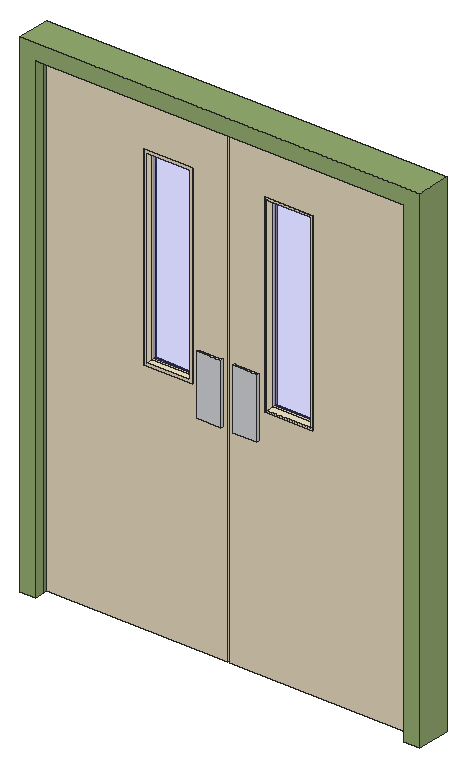
Revit family
Parameters (values of type "760 leaf")
  swing opening = leaf width * 2 - 128 mm  # 1392 mm
  leaf width = 760 mm
  VP width = 200 mm
  VP height = 800 mm
  Rough Height = 2060 mm
  Frame Projection Ext. = 25 mm
  Frame Projection Int. = 25 mm
  Frame Width = 75 mm
  Height = 1995 mm
  Wall Closure = (empty or 0)
  Width = leaf width * 2 + 134 mm  # 1654 mm
Types (7, lengths in mm): name | swing opening | leaf width | Width
  (no name) | 1392 | 760 | 1654
  610 leaf | 1092 | 610 | 1354
  710 leaf | 1292 | 710 | 1554
  760 leaf | 1392 | 760 | 1654
  810 leaf | 1492 | 810 | 1754
  860 leaf | 1592 | 860 | 1854
  910 leaf | 1692 | 910 | 1954
Reference planes
  plane 1: y = 0
  plane 2 "Center (Left/Right)": x = 0
  plane 3 "Left": x = -827
  plane 4 "Right": x = 827
  plane 5: z = 2060
  plane 6 "Exterior": y = 150
  plane 7 "Interior": y = -150
  plane 8: x = -760
  plane 9: x = 760
  plane 10: x = -150
  plane 11: z = 1790
  plane 12: z = 990
  plane 13: x = -350
  plane 14: z = 1990
  plane 15: z = 1000
  plane 16: x = 150
  plane 17: x = 350
Forms (mm)
  Sweep 1, solid
    path origin (0, 65, 0) x (1, 0, 0) y (0, 0, 1)
      loop
        line (827, 0) -> (827, 2060) -> (-827, 2060) -> (-827, 0)
    profile origin (827, 65, 1030) x (-1, 0, 0) y (0, -1, 0)
      loop
        line (0, -5) -> (65, -5) -> (65, 37.5) -> (60, 50) -> (60, 80) -> (65, 92.5) -> (65, 135) -> (0, 135) -> (0, -5)
  Extrusion 2, solid
    sketch origin (0, 0, 0) x (1, 0, 0) y (0, 1, 0)
      loop
        line (-755, -24) -> (-5.008, -24)
        arc (-5.008, -24) -> (-0.008, 0) -> (-5.008, 24) r 60.1
        line (-5.008, 24) -> (-755, 24)
        arc (-755, 24) -> (-760, 0) -> (-755, -24) r 60.1
    from 10 to 1990
  Extrusion 3, solid
    sketch origin (0, 0, 0) x (-1, 0, 0) y (0, -1, 0)
      loop
        arc (-755, 24) -> (-760, 0) -> (-755, -24) r 60.1
        line (-755, -24) -> (-5.008, -24)
        arc (-5.008, -24) -> (-0.008, 0) -> (-5.008, 24) r 60.1
        line (-5.008, 24) -> (-755, 24)
    from 10 to 1990
  Extrusion 4, void
    sketch origin (0, 0, 0) x (-1, 0, 0) y (0, 0, 1)
      loop
        line (350, 1790) -> (150, 1790) -> (150, 990) -> (350, 990) -> (350, 1790)
    from -65 to 65
  Sweep 5, solid
    path origin (0, 150, 0) x (1, 0, 0) y (0, 0, 1)
      loop
        line (-150, 990) -> (-150, 1790) -> (-350, 1790) -> (-350, 990) -> (-150, 990)
    profile origin (-150, 150, 1390) x (-1, 0, 0) y (0, -1, 0)
      loop
        line (0, 174) -> (0, 126) -> (10, 126) -> (20, 140) -> (20, 160) -> (10, 174) -> (0, 174)
  Sweep 6, solid
    path origin (0, -150, 0) x (1, 0, 0) y (0, 0, 1)
      loop
        line (-150, 1010) -> (-150, 1770)
    profile origin (-150, -150, 1390) x (-1, 0, 0) y (0, -1, 0)
      loop
        line (180, -147.5) -> (20, -147.5) -> (20, -152.5) -> (180, -152.5) -> (180, -147.5)
  Extrusion 7, void
    sketch origin (0, 0, 0) x (-1, 0, 0) y (0, 0, 1)
      loop
        line (-150, 1790) -> (-350, 1790) -> (-350, 990) -> (-150, 990) -> (-150, 1790)
    from -65 to 65
  Sweep 8, solid
    path origin (0, -150, 0) x (1, 0, 0) y (0, 0, 1)
      loop
        line (150, 990) -> (350, 990) -> (350, 1790) -> (150, 1790) -> (150, 990)
    profile origin (150, -150, 1390) x (-1, 0, 0) y (0, -1, 0)
      loop
        line (0, -126) -> (-10, -126) -> (-20, -140) -> (-20, -160) -> (-10, -174) -> (0, -174) -> (0, -126)
  Sweep 9, solid
    path origin (0, -150, 0) x (1, 0, 0) y (0, 0, 1)
      loop
        line (250, 1010) -> (250, 1770)
    profile origin (250, -150, 1390) x (-1, 0, 0) y (0, -1, 0)
      loop
        line (80, -147.5) -> (-80, -147.5) -> (-80, -152.5) -> (80, -152.5) -> (80, -147.5)
Cuts and joins
  Extrusion 4, Extrusion 7 cuts Sweep 1
  Extrusion 4, Extrusion 7 cuts Extrusion 3
  Extrusion 4, Extrusion 7 cuts Extrusion 2
  Extrusion 7 cuts Sweep 5
Lines and regions (mm)
  Opening 1
    outline origin (-3050, -150, 0) x (1, 0, 0) y (0, 0, 1)
      loop
        line (2223, 0) -> (3877, 0) -> (3877, 2060) -> (2223, 2060) -> (2223, 0)
  symbolic lines, style "DoorsPanelProjection"
    curve 1: line (719.992, 696, 0) -> (671.992, 696, 0)
    curve 2: line (671.992, 696, 0) -> (671.992, -696, 0)
    curve 3: line (719.992, -696, 0) -> (719.992, 696, 0)
    curve 4: line (719.992, -696, 0) -> (671.992, -696, 0)
    curve 5: line (-719.992, 696, 0) -> (-671.992, 696, 0)
    curve 6: line (-671.992, 696, 0) -> (-671.992, -696, 0)
    curve 7: line (-719.992, -696, 0) -> (-719.992, 696, 0)
    curve 8: line (-719.992, -696, 0) -> (-671.992, -696, 0)
  symbolic lines, style "Plan Swing"
    curve 9: arc (695.992, 696, 0) -> (-0.008, 0, 0) -> (695.992, -696, 0) r 696
    curve 10: arc (-695.992, -696, 0) -> (0.008, 0, 0) -> (-695.992, 696, 0) r 696
Text (mm)
  text "Exterior" at (-2295.016, 1099.543, 0), in view "Ref. Level"
  text "Exterior" at (0, 1615.38, 3698.081), in view "Left"
  text "Exterior" at (0, 1036.032, 3874.932), in view "Right"
Dimensions and locks
  equal spacing: plane 3 "Left", plane 2 "Center (Left/Right)", plane 4 "Right"
  "Width": plane 3 "Left" to plane 4 "Right"
  "Rough Height": host wall to plane 5
  host wall to plane 5 = 2060 mm
  locked: plane 6 "Exterior" to host wall at 0
  locked: plane 7 "Interior" to host wall
  locked: plane 5 to plane 14 at 70
  locked: plane 14 to plane 11 at 200
  "VP height": plane 11 to plane 12
  "VP width": plane 10 to plane 13
  plane 3 "Left" to plane 8 = 67 mm
  plane 9 to plane 4 "Right" = 67 mm
  locked: curve 2 to plane 4 "Right" at 155.008
  locked: plane 3 "Left" to curve 6 at 155.008
  "swing opening": curve 1 to curve 4
  level to plane 15 = 1000 mm
  equal spacing: nested 1, plane 15, nested 1
  equal spacing: nested 2, plane 15, nested 2
  nested 3 to nested 3 = 250 mm
  nested 4 to nested 4 = 250 mm
  equal spacing: nested 4, plane 15, nested 4
  equal spacing: nested 3, plane 15, nested 3
  equal spacing: cut or joined group of Extrusion 3, Extrusion 4, Extrusion 7, host wall, cut or joined group of Extrusion 3, Extrusion 4, Extrusion 7, locked at 24 each
  equal spacing: cut or joined group of Extrusion 2, Extrusion 4, Extrusion 7, host wall, cut or joined group of Extrusion 2, Extrusion 4, Extrusion 7, locked at 24 each
  locked: host wall to Sweep 6 sketch curve at 2.5
  locked: Sweep 6 sketch curve to host wall at 2.5
  "swing opening": curve 8 to curve 5
  locked: plane 2 "Center (Left/Right)" to plane 10 at 150
  nested 4 to plane 2 "Center (Left/Right)" to nested 1 = 75 mm, 25 mm locked
  nested 3 to plane 2 "Center (Left/Right)" to nested 4 = 25 mm locked, 25 mm locked
  locked: plane 16 to plane 2 "Center (Left/Right)" at 150
  "VP width": plane 17 to plane 16
  locked: host wall to Sweep 9 sketch curve at 2.5  (x2)
  Sweep 1 sketch curve to plane 1 to Sweep 1 sketch curve = 70 mm locked, 70 mm locked
  equal spacing: Sweep 1 sketch curve, plane 1, Sweep 1 sketch curve
  aligned and locked: plane 3 "Left" to Opening 1 sketch curve
  aligned and locked: plane 5 to Opening 1 sketch curve  (x2)
  aligned and locked: Opening 1 sketch curve to plane 4 "Right"
  aligned and locked: Opening 1 sketch curve to level
  aligned and locked: plane 1 to host wall
  aligned and locked: Sweep 5 sketch curve to cut or joined group of Extrusion 2, Extrusion 4, Extrusion 7  (x2)
  aligned and locked: cut or joined group of Extrusion 2, Extrusion 4, Extrusion 7 to Sweep 5 sketch curve
  aligned and locked: plane 10 to Sweep 5 sketch curve
  aligned and locked: Sweep 5 sketch curve to plane 12
  aligned and locked: Sweep 5 sketch curve to plane 13
  aligned and locked: plane 11 to Sweep 5 sketch curve
  aligned and locked: Sweep 5 to Sweep 6 sketch curve  (x3)
  aligned and locked: Sweep 6 sketch curve to Sweep 5
  aligned and locked: Extrusion 7 sketch curve to plane 11
  aligned and locked: Extrusion 7 sketch curve to plane 17
  aligned and locked: plane 12 to Extrusion 7 sketch curve
  aligned and locked: plane 16 to Extrusion 7 sketch curve
  aligned and locked: Sweep 8 sketch curve to plane 11
  aligned and locked: plane 16 to Sweep 8 sketch curve
  aligned and locked: plane 12 to Sweep 8 sketch curve
  aligned and locked: Sweep 8 sketch curve to plane 17
  aligned and locked: Sweep 8 to Sweep 9 sketch curve  (x5)
  aligned and locked: Sweep 8 sketch curve to cut or joined group of Extrusion 3, Extrusion 4, Extrusion 7  (x2)
Automatic sketch dimensions
  Sweep 1 sketch curve to plane 3 "Left" = 0 mm
  Sweep 1 sketch curve to plane 4 "Right" = 0 mm
  Sweep 1 sketch curve to level = 0 mm  (x2)
  Sweep 1 sketch curve to plane 5 = 0 mm
  Sweep 1 sketch curve to profile plane = 0 mm
  Sweep 1 sketch curve to profile plane = 60 mm
  Sweep 1 sketch curve to Sweep 1 sketch curve = 5 mm  (x2)
  Sweep 1 sketch curve to Sweep 1 sketch curve = 12.5 mm  (x2)
  curve 10 to host wall = 0 mm
  curve 9 to host wall = 0 mm
  curve 10 to curve 5 = 24 mm
  curve 5 to curve 10 = 24 mm
  curve 2 to curve 9 = 24 mm
  curve 9 to curve 3 = 24 mm
  Sweep 5 sketch curve to profile plane = 10 mm  (x2)
  Sweep 5 sketch curve to Sweep 5 sketch curve = 10 mm
  Sweep 5 sketch curve to Sweep 5 sketch curve = 14 mm  (x2)
  Sweep 6 sketch curve to plane 10 = 0 mm
  Sweep 8 sketch curve to profile plane = 0 mm
  Sweep 8 sketch curve to Sweep 8 sketch curve = 10 mm  (x2)
  profile plane to Sweep 8 sketch curve = 10 mm
  Sweep 8 sketch curve to Sweep 8 sketch curve = 14 mm  (x2)
  plane 16 to Sweep 9 sketch curve = 100 mm
  Extrusion 4 sketch curve to plane 11 = 0 mm
  Extrusion 4 sketch curve to plane 13 = 0 mm
  Extrusion 4 sketch curve to plane 10 = 0 mm
  Extrusion 4 sketch curve to plane 12 = 0 mm
  profile plane to Sweep 1 sketch curve = 37.5 mm
  Extrusion 2 sketch curve to host wall = 0 mm  (x2)
  Extrusion 2 sketch curve to plane 2 "Center (Left/Right)" = 60.108 mm
  plane 8 to Extrusion 2 sketch curve = 60.1 mm
  plane 8 to Extrusion 2 sketch curve = 5 mm  (x2)
  Extrusion 2 sketch curve to plane 2 "Center (Left/Right)" = 5.008 mm
  host wall to Extrusion 2 sketch curve = 24 mm
  Extrusion 3 sketch curve to host wall = 0 mm
  Extrusion 3 sketch curve to plane 2 "Center (Left/Right)" = 5.008 mm
  host wall to Extrusion 3 sketch curve = 0 mm
  Extrusion 3 sketch curve to Extrusion 3 sketch curve = 55.1 mm
  plane 9 to Extrusion 3 sketch curve = 60.1 mm
  plane 9 to Extrusion 3 sketch curve = 5 mm  (x2)
  Extrusion 3 sketch curve to host wall = 24 mm
Nested families
  nested 1: "push plate" at (75, 33.514, -3), type "push plate", detail levels medium+fine
    with Material Handle none
  nested 2: "push plate" at (-75, 24, -3), type "push plate"
  nested 3: "push plate" at (75, -33.514, -3), type "push plate", detail levels medium+fine
    with Material Handle none
  nested 4: "push plate" at (-75, -24, -3), type "push plate"
Definition of nested family "push plate"
  Parameters
    Material Handle [instance] = none
  Reference planes
    plane 1 "Center (Front/Back)": y = 0
    plane 2: z = 0
    plane 3 "Center (Left/Right)": x = 0
  Forms (mm)
    Sweep 1, solid, material <- "Material Handle", detail levels medium+fine
      path origin (-175, 75, 1103) x (0, -1, 0) y (1, 0, 0)
        loop
          line (75, 175) -> (84.514, 175)
      profile origin (0, -4.757, 1003) x (1, 0, 0) y (0, 0, 1)
        loop
          line (-50, 125) -> (-50, -125) -> (50, -125) -> (50, 125) -> (-50, 125)
